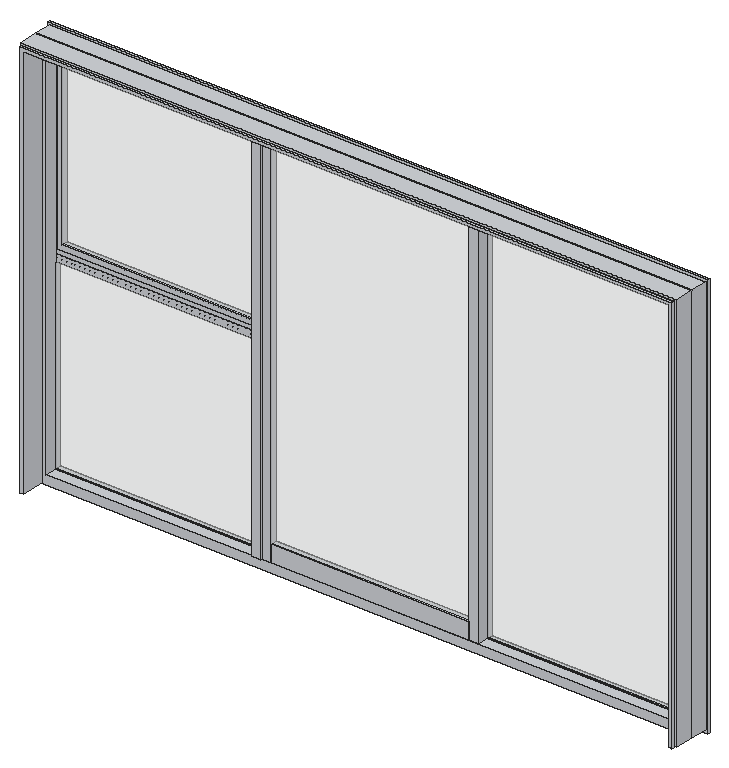
Revit family "APL Residential Thermal Heart Sliding Door FSF with Sidelight", category Doors, host Wall, Revit 2017 (continued)
Definition of nested family "APL Residential Thermal Heart Sliding Door FSF with Sidelight Vertical Section"
  Definition of nested family "Sash Mullion-Transom"
    Definition of nested family "65720_Sash"
      Lines and regions (mm)
        model lines, in view "Ref. Level"
          curve 332: arc (1.041, 6.032, 0) -> (0.859, 5.888, 0) -> (0.762, 5.676, 0) r 0.5
          curve 333: arc (0.762, 5.676, 0) -> (0.708, 5.514, 0) -> (0.616, 5.37, 0) r 0.7
          curve 334: arc (0.616, 5.37, 0) -> (0.27, 4.4, 0) -> (0.616, 3.43, 0) r 1.53
          curve 335: arc (0.616, 3.43, 0) -> (0.519, 2.445, 0) -> (-0.466, 2.543, 0) r 0.7
          curve 336: arc (-0.466, 2.543, 0) -> (-1.13, 4.41, 0) -> (-0.454, 6.272, 0) r 2.93
      Text (mm)
        text "65720" at (33.241, 33.025, 0), in view "Ref. Level"
    Definition of nested family "65100_Mullion&Transom"
      Reference planes
        plane 1 "Center (Front/Back)": y = 0
        plane 2: z = 0
        plane 3 "Center (Left/Right)": x = 0
      Lines and regions (mm)
        detail lines, in view "Ref. Level"
          curve 1: arc (0.482, -20.144, 0) -> (0.172, -20.004, 0) -> (0.009, -20.303, 0) r 0.25
          curve 2: arc (0.036, -30.191, 0) -> (0.198, -30.491, 0) -> (0.508, -30.351, 0) r 0.25
          curve 3: line (0.009, -20.303, 0) -> (1.003, -24.171, 0)
          curve 4: line (1.003, -24.171, 0) -> (0, -24.75, 0)
          curve 5: line (0, -24.75, 0) -> (0, -25.75, 0)
          curve 6: line (0, -25.75, 0) -> (1.025, -26.342, 0)
          curve 7: line (1.025, -26.342, 0) -> (0.036, -30.191, 0)
          curve 8: line (0.508, -30.351, 0) -> (2.232, -26.25, 0)
          curve 9: line (2.232, -26.25, 0) -> (3.5, -26.25, 0)
          curve 10: line (3.5, -26.25, 0) -> (3.5, -27.5, 0)
          curve 11: line (3.5, -27.5, 0) -> (4.5, -27.5, 0)
          curve 12: line (4.5, -27.5, 0) -> (4.5, -23, 0)
          curve 13: line (4.5, -23, 0) -> (3.5, -23, 0)
          curve 14: line (3.5, -23, 0) -> (3.5, -24.25, 0)
          curve 15: line (3.5, -24.25, 0) -> (2.208, -24.25, 0)
          curve 16: line (2.208, -24.25, 0) -> (0.482, -20.144, 0)
          curve 329: arc (0.482, 30.356, 0) -> (0.172, 30.496, 0) -> (0.009, 30.197, 0) r 0.25
          curve 330: arc (0.036, 20.309, 0) -> (0.198, 20.009, 0) -> (0.508, 20.149, 0) r 0.25
          curve 331: line (0.009, 30.197, 0) -> (1.003, 26.329, 0)
          curve 332: line (1.003, 26.329, 0) -> (0, 25.75, 0)
          curve 333: line (0, 25.75, 0) -> (0, 24.75, 0)
          curve 334: line (0, 24.75, 0) -> (1.025, 24.158, 0)
          curve 335: line (1.025, 24.158, 0) -> (0.036, 20.309, 0)
          curve 336: line (0.508, 20.149, 0) -> (2.232, 24.25, 0)
          curve 337: line (2.232, 24.25, 0) -> (3.5, 24.25, 0)
          curve 338: line (3.5, 24.25, 0) -> (3.5, 23, 0)
          curve 339: line (3.5, 23, 0) -> (4.5, 23, 0)
          curve 340: line (4.5, 23, 0) -> (4.5, 27.5, 0)
          curve 341: line (4.5, 27.5, 0) -> (3.5, 27.5, 0)
          curve 342: line (3.5, 27.5, 0) -> (3.5, 26.25, 0)
          curve 343: line (3.5, 26.25, 0) -> (2.208, 26.25, 0)
          curve 344: line (2.208, 26.25, 0) -> (0.482, 30.356, 0)
        detail lines, in view "Ref. Level", not visible
          curve 17: arc (33.161, -9.933, 0) -> (32.851, -9.793, 0) -> (32.689, -10.092, 0) r 0.25
          curve 18: arc (32.715, -19.98, 0) -> (32.877, -20.279, 0) -> (33.188, -20.139, 0) r 0.25
          curve 19: line (32.689, -10.092, 0) -> (33.683, -13.959, 0)
          curve 20: line (33.683, -13.959, 0) -> (32.679, -14.539, 0)
          curve 21: line (32.679, -14.539, 0) -> (32.679, -15.539, 0)
          curve 22: line (32.679, -15.539, 0) -> (33.705, -16.131, 0)
          curve 23: line (33.705, -16.131, 0) -> (32.715, -19.98, 0)
          curve 24: line (33.188, -20.139, 0) -> (34.912, -16.039, 0)
          curve 25: line (34.912, -16.039, 0) -> (36.179, -16.039, 0)
          curve 26: line (36.179, -16.039, 0) -> (36.179, -17.289, 0)
          curve 27: line (36.179, -17.289, 0) -> (37.179, -17.289, 0)
          curve 28: line (37.179, -17.289, 0) -> (37.179, -12.789, 0)
          curve 29: line (37.179, -12.789, 0) -> (36.179, -12.789, 0)
          curve 30: line (36.179, -12.789, 0) -> (36.179, -14.039, 0)
          curve 31: line (36.179, -14.039, 0) -> (34.887, -14.039, 0)
          curve 32: line (34.887, -14.039, 0) -> (33.161, -9.933, 0)
        model lines, in view "Ref. Level"
          curve 33: arc (-15.3, 2.874, 0) -> (-15.218, 2.477, 0) -> (-14.985, 2.146, 0) r 1
          curve 34: arc (-14.733, 1.893, 0) -> (-14.408, 1.676, 0) -> (-14.026, 1.6, 0) r 1
          curve 35: arc (-14.026, -1.6, 0) -> (-14.408, -1.676, 0) -> (-14.733, -1.893, 0) r 1
          curve 36: arc (-14.985, -2.146, 0) -> (-15.218, -2.477, 0) -> (-15.3, -2.874, 0) r 1
          curve 37: arc (-15.3, -4.45, 0) -> (-15.172, -4.668, 0) -> (-14.92, -4.663, 0) r 0.25
          curve 38: arc (-14.834, -4.611, 0) -> (-14.728, -4.479, 0) -> (-14.731, -4.309, 0) r 0.25
          curve 39: arc (-13.477, -3.544, 0) -> (-13.402, -3.511, 0) -> (-13.321, -3.5, 0) r 0.3
          curve 40: arc (-12.8, -3.5, 0) -> (-12.642, -3.578, 0) -> (-12.606, -3.75, 0) r 0.2
          curve 41: arc (-12.8, -7.753, 0) -> (-12.774, -7.875, 0) -> (-12.7, -7.976, 0) r 0.3
          curve 42: arc (-12.7, -7.976, 0) -> (-12.62, -8.307, 0) -> (-12.9, -8.5, 0) r 0.3
          curve 43: arc (-15.121, -7.957, 0) -> (-15.21, -7.905, 0) -> (-15.262, -7.816, 0) r 0.2
          curve 44: arc (-15.307, -7.648, 0) -> (-15.448, -7.507, 0) -> (-15.641, -7.559, 0) r 0.2
          curve 45: arc (-16.005, -7.922, 0) -> (-16.065, -8.008, 0) -> (-16.092, -8.108, 0) r 0.3
          curve 46: arc (-16.299, -10.474, 0) -> (-16.183, -10.738, 0) -> (-15.897, -10.782, 0) r 0.3
          curve 47: arc (-14.487, -10.268, 0) -> (-14.361, -10.181, 0) -> (-14.295, -10.043, 0) r 0.3
          curve 48: arc (-14.295, -10.043, 0) -> (-14.022, -9.801, 0) -> (-13.717, -10, 0) r 0.3
          curve 49: arc (4.1, -10, 0) -> (4.241, -10.059, 0) -> (4.3, -10.2, 0) r 0.2
          curve 50: arc (3.201, -21.5, 0) -> (2.493, -21.793, 0) -> (2.2, -22.5, 0) r 1
          curve 51: arc (2.2, -23.25, 0) -> (2.7, -23.751, 0) -> (3.2, -23.25, 0) r 0.5
          curve 52: arc (3.2, -27.251, 0) -> (2.7, -26.751, 0) -> (2.2, -27.251, 0) r 0.5
          curve 53: arc (2.2, -28.801, 0) -> (2.259, -28.942, 0) -> (2.4, -29, 0) r 0.2
          curve 54: arc (5.5, -29, 0) -> (5.641, -28.941, 0) -> (5.7, -28.8, 0) r 0.2
          curve 55: arc (5.7, 28.8, 0) -> (5.641, 28.942, 0) -> (5.5, 29, 0) r 0.2
          curve 56: arc (2.4, 29, 0) -> (2.259, 28.941, 0) -> (2.2, 28.8, 0) r 0.2
          curve 57: arc (2.2, 27.25, 0) -> (2.7, 26.749, 0) -> (3.2, 27.25, 0) r 0.5
          curve 58: arc (3.2, 23.25, 0) -> (2.7, 23.749, 0) -> (2.2, 23.25, 0) r 0.5
          curve 59: arc (2.2, 22.501, 0) -> (2.492, 21.793, 0) -> (3.2, 21.5, 0) r 1
          curve 60: arc (4.3, 10.2, 0) -> (4.241, 10.059, 0) -> (4.1, 10, 0) r 0.2
          curve 61: arc (-13.717, 10, 0) -> (-14.022, 9.801, 0) -> (-14.295, 10.043, 0) r 0.3
          curve 62: arc (-14.295, 10.043, 0) -> (-14.361, 10.181, 0) -> (-14.487, 10.268, 0) r 0.3
          curve 63: arc (-15.897, 10.782, 0) -> (-16.183, 10.738, 0) -> (-16.299, 10.474, 0) r 0.3
          curve 64: arc (-16.092, 8.108, 0) -> (-16.065, 8.008, 0) -> (-16.005, 7.922, 0) r 0.3
          curve 65: arc (-15.641, 7.559, 0) -> (-15.448, 7.507, 0) -> (-15.307, 7.648, 0) r 0.2
          curve 66: arc (-15.262, 7.816, 0) -> (-15.21, 7.905, 0) -> (-15.121, 7.957, 0) r 0.2
          curve 67: arc (-12.9, 8.5, 0) -> (-12.62, 8.307, 0) -> (-12.7, 7.976, 0) r 0.3
          curve 68: arc (-12.7, 7.976, 0) -> (-12.774, 7.875, 0) -> (-12.8, 7.753, 0) r 0.3
          curve 69: arc (-12.606, 3.75, 0) -> (-12.642, 3.578, 0) -> (-12.8, 3.5, 0) r 0.2
          curve 70: arc (-13.321, 3.5, 0) -> (-13.402, 3.511, 0) -> (-13.477, 3.544, 0) r 0.3
          curve 71: arc (-14.731, 4.309, 0) -> (-14.728, 4.479, 0) -> (-14.834, 4.611, 0) r 0.25
          curve 72: arc (-14.92, 4.663, 0) -> (-15.172, 4.668, 0) -> (-15.3, 4.45, 0) r 0.25
          curve 73: arc (-4.016, 4.146, 0) -> (-5.077, 4.139, 0) -> (-5.084, 5.2, 0) r 0.75
          curve 74: arc (-5.084, 5.2, 0) -> (-4.55, 6.5, 0) -> (-5.084, 7.8, 0) r 1.85
          curve 75: arc (-5.084, 7.8, 0) -> (-5.194, 7.942, 0) -> (-5.267, 8.107, 0) r 0.75
          curve 76: arc (-5.267, 8.107, 0) -> (-5.37, 8.291, 0) -> (-5.54, 8.416, 0) r 0.5
          curve 77: arc (-5.54, 8.416, 0) -> (-6.4, 8.6, 0) -> (-7.26, 8.416, 0) r 2.1
          curve 78: arc (-7.26, 8.416, 0) -> (-7.43, 8.291, 0) -> (-7.533, 8.107, 0) r 0.5
          curve 79: arc (-7.533, 8.107, 0) -> (-7.606, 7.942, 0) -> (-7.716, 7.8, 0) r 0.75
          curve 80: arc (-7.716, 7.8, 0) -> (-8.25, 6.5, 0) -> (-7.716, 5.2, 0) r 1.85
          curve 81: arc (-7.716, 5.2, 0) -> (-7.723, 4.139, 0) -> (-8.784, 4.146, 0) r 0.75
          curve 82: arc (-8.784, 4.146, 0) -> (-9.231, 4.709, 0) -> (-9.548, 5.354, 0) r 3.35
          curve 83: arc (-10.124, 6.937, 0) -> (-10.569, 7.194, 0) -> (-10.9, 6.8, 0) r 0.4
          curve 84: arc (-10.9, -6.8, 0) -> (-10.569, -7.194, 0) -> (-10.124, -6.937, 0) r 0.4
          curve 85: arc (-9.548, -5.354, 0) -> (-9.231, -4.709, 0) -> (-8.784, -4.146, 0) r 3.35
          curve 86: arc (-8.784, -4.146, 0) -> (-7.723, -4.139, 0) -> (-7.716, -5.2, 0) r 0.75
          curve 87: arc (-7.716, -5.2, 0) -> (-8.25, -6.5, 0) -> (-7.716, -7.8, 0) r 1.85
          curve 88: arc (-7.716, -7.8, 0) -> (-7.606, -7.942, 0) -> (-7.533, -8.107, 0) r 0.75
          curve 89: arc (-7.533, -8.107, 0) -> (-7.43, -8.291, 0) -> (-7.26, -8.416, 0) r 0.5
          curve 90: arc (-7.26, -8.416, 0) -> (-6.4, -8.6, 0) -> (-5.54, -8.416, 0) r 2.1
          curve 91: arc (-5.54, -8.416, 0) -> (-5.37, -8.291, 0) -> (-5.267, -8.107, 0) r 0.5
          curve 92: arc (-5.267, -8.107, 0) -> (-5.194, -7.942, 0) -> (-5.084, -7.8, 0) r 0.75
          curve 93: arc (-5.084, -7.8, 0) -> (-4.55, -6.5, 0) -> (-5.084, -5.2, 0) r 1.85
          curve 94: arc (-5.084, -5.2, 0) -> (-5.077, -4.139, 0) -> (-4.016, -4.146, 0) r 0.75
          curve 95: arc (-4.016, -4.146, 0) -> (-3.101, -5.916, 0) -> (-3.353, -7.892, 0) r 3.35
          curve 96: arc (-3.353, -7.892, 0) -> (-3.319, -8.37, 0) -> (-2.898, -8.6, 0) r 0.5
          curve 97: arc (3.8, -8.6, 0) -> (4.154, -8.454, 0) -> (4.3, -8.1, 0) r 0.5
          curve 98: arc (4.3, 8.1, 0) -> (4.154, 8.454, 0) -> (3.8, 8.6, 0) r 0.5
          curve 99: line (-15.3, 4.45, 0) -> (-15.3, 2.874, 0)
          curve 100: line (-14.97, 2.13, 0) -> (-14.733, 1.893, 0)
          curve 101: line (-14.026, 1.6, 0) -> (-12.8, 1.6, 0)
          curve 102: line (-12.8, 1.6, 0) -> (-12.8, -1.6, 0)
          curve 103: line (-12.8, -1.6, 0) -> (-14.026, -1.6, 0)
          curve 104: line (-14.733, -1.893, 0) -> (-14.97, -2.13, 0)
          curve 105: line (-15.3, -2.874, 0) -> (-15.3, -4.45, 0)
          curve 106: line (-14.731, -4.309, 0) -> (-13.477, -3.544, 0)
          curve 107: line (-13.477, -3.544, 0) -> (-12.8, -3.5, 0)
          curve 108: line (-12.606, -3.75, 0) -> (-12.794, -4.475, 0)
          curve 109: line (-12.794, -4.475, 0) -> (-12.8, -7.753, 0)
          curve 110: line (-13.054, -8.5, 0) -> (-15.121, -7.957, 0)
          curve 111: line (-15.121, -7.957, 0) -> (-15.307, -7.648, 0)
          curve 112: line (-15.641, -7.559, 0) -> (-16.005, -7.922, 0)
          curve 113: line (-16.092, -8.108, 0) -> (-16.299, -10.474, 0)
          curve 114: line (-15.897, -10.782, 0) -> (-14.487, -10.268, 0)
          curve 115: line (-13.717, -10, 0) -> (-6.8, -10, 0)
          curve 116: line (-6.8, -10, 0) -> (-6.4, -9.6, 0)
          curve 117: line (-6.4, -9.6, 0) -> (-6, -10, 0)
          curve 118: line (-6, -10, 0) -> (4.1, -10, 0)
          curve 119: line (4.3, -10.2, 0) -> (4.3, -21.5, 0)
          curve 120: line (4.3, -21.5, 0) -> (3.201, -21.5, 0)
          curve 121: line (2.2, -22.5, 0) -> (2.2, -23.25, 0)
          curve 122: line (3.2, -23.25, 0) -> (3.2, -22.5, 0)
          curve 123: line (3.2, -22.5, 0) -> (4.7, -22.5, 0)
          curve 124: line (4.7, -22.5, 0) -> (4.7, -28, 0)
          curve 125: line (4.7, -28, 0) -> (3.2, -28, 0)
          curve 126: line (3.2, -28, 0) -> (3.2, -27.251, 0)
          curve 127: line (2.2, -27.251, 0) -> (2.2, -28.801, 0)
          curve 128: line (2.4, -29, 0) -> (5.5, -29, 0)
          curve 129: line (5.7, -28.8, 0) -> (5.7, 28.8, 0)
          curve 130: line (5.5, 29, 0) -> (2.4, 29, 0)
          curve 131: line (2.2, 28.8, 0) -> (2.2, 27.25, 0)
          curve 132: line (3.2, 27.25, 0) -> (3.2, 28, 0)
          curve 133: line (3.2, 28, 0) -> (4.7, 28, 0)
          curve 134: line (4.7, 28, 0) -> (4.7, 22.5, 0)
          curve 135: line (4.7, 22.5, 0) -> (3.2, 22.5, 0)
          curve 136: line (3.2, 22.5, 0) -> (3.2, 23.25, 0)
          curve 137: line (2.2, 23.25, 0) -> (2.2, 22.501, 0)
          curve 138: line (3.2, 21.5, 0) -> (4.3, 21.5, 0)
          curve 139: line (4.3, 21.5, 0) -> (4.3, 10.2, 0)
          curve 140: line (4.1, 10, 0) -> (-6, 10, 0)
          curve 141: line (-6, 10, 0) -> (-6.4, 9.6, 0)
          curve 142: line (-6.4, 9.6, 0) -> (-6.8, 10, 0)
          curve 143: line (-6.8, 10, 0) -> (-13.717, 10, 0)
          curve 144: line (-14.487, 10.268, 0) -> (-15.897, 10.782, 0)
          curve 145: line (-16.299, 10.474, 0) -> (-16.092, 8.108, 0)
          curve 146: line (-16.005, 7.922, 0) -> (-15.641, 7.559, 0)
          curve 147: line (-15.307, 7.648, 0) -> (-15.262, 7.816, 0)
          curve 148: line (-15.262, 7.816, 0) -> (-13.132, 8.49, 0)
          curve 149: line (-13.132, 8.49, 0) -> (-12.9, 8.5, 0)
          curve 150: line (-12.8, 7.753, 0) -> (-12.8, 4.525, 0)
          curve 151: line (-12.8, 4.525, 0) -> (-12.606, 3.75, 0)
          curve 152: line (-12.8, 3.5, 0) -> (-13.321, 3.5, 0)
          curve 153: line (-13.321, 3.5, 0) -> (-14.731, 4.309, 0)
          curve 154: line (-9.548, 5.354, 0) -> (-10.124, 6.937, 0)
          curve 155: line (-10.9, 6.8, 0) -> (-10.9, -6.8, 0)
          curve 156: line (-10.124, -6.937, 0) -> (-9.548, -5.354, 0)
          curve 157: line (-2.898, -8.6, 0) -> (3.8, -8.6, 0)
          curve 158: line (4.3, -8.1, 0) -> (4.3, 8.1, 0)
          curve 159: line (3.8, 8.6, 0) -> (-2.898, 8.6, 0)
          curve 160: arc (-2.898, 8.6, 0) -> (-3.319, 8.37, 0) -> (-3.353, 7.892, 0) r 0.5
          curve 161: arc (-3.353, 7.892, 0) -> (-3.101, 5.916, 0) -> (-4.016, 4.146, 0) r 3.35
          curve 162: arc (-40.3, -9.8, 0) -> (-40.241, -9.941, 0) -> (-40.1, -10, 0) r 0.2
          curve 163: arc (-38.635, -9.621, 0) -> (-38.571, -9.522, 0) -> (-38.575, -9.403, 0) r 0.2
          curve 164: arc (-38.575, -9.403, 0) -> (-38.679, -9.234, 0) -> (-38.847, -9.127, 0) r 0.45
          curve 165: arc (-38.847, -9.127, 0) -> (-38.943, -9.052, 0) -> (-38.978, -8.935, 0) r 0.2
          curve 166: arc (-38.837, -1.98, 0) -> (-38.537, -1.286, 0) -> (-37.837, -1, 0) r 1
          curve 167: arc (-30.5, -1, 0) -> (-29.793, -1.293, 0) -> (-29.5, -2, 0) r 1
          curve 168: arc (-29.5, -8.173, 0) -> (-29.527, -8.272, 0) -> (-29.6, -8.345, 0) r 0.2
          curve 169: arc (-30.7, -8.98, 0) -> (-30.92, -9.2, 0) -> (-31, -9.5, 0) r 0.6
          curve 170: arc (-31, -9.8, 0) -> (-30.941, -9.942, 0) -> (-30.8, -10, 0) r 0.2
          curve 171: arc (-26.683, -10, 0) -> (-26.378, -9.801, 0) -> (-26.105, -10.043, 0) r 0.3
          curve 172: arc (-26.105, -10.043, 0) -> (-26.039, -10.181, 0) -> (-25.913, -10.268, 0) r 0.3
          curve 173: arc (-24.503, -10.782, 0) -> (-24.217, -10.738, 0) -> (-24.101, -10.474, 0) r 0.3
          curve 174: arc (-24.308, -8.108, 0) -> (-24.335, -8.008, 0) -> (-24.395, -7.922, 0) r 0.3
          curve 175: arc (-24.759, -7.559, 0) -> (-24.952, -7.507, 0) -> (-25.093, -7.648, 0) r 0.2
          curve 176: arc (-25.138, -7.816, 0) -> (-25.19, -7.905, 0) -> (-25.279, -7.957, 0) r 0.2
          curve 177: arc (-27.5, -8.5, 0) -> (-27.78, -8.307, 0) -> (-27.7, -7.976, 0) r 0.3
          curve 178: arc (-27.7, -7.976, 0) -> (-27.626, -7.875, 0) -> (-27.6, -7.753, 0) r 0.3
          curve 179: arc (-27.794, -3.75, 0) -> (-27.758, -3.578, 0) -> (-27.6, -3.5, 0) r 0.2
          curve 180: arc (-27.079, -3.5, 0) -> (-26.998, -3.511, 0) -> (-26.923, -3.544, 0) r 0.3
          curve 181: arc (-25.669, -4.309, 0) -> (-25.672, -4.479, 0) -> (-25.566, -4.611, 0) r 0.25
          curve 182: arc (-25.48, -4.663, 0) -> (-25.228, -4.668, 0) -> (-25.1, -4.45, 0) r 0.25
          curve 183: arc (-25.1, -2.874, 0) -> (-25.182, -2.477, 0) -> (-25.415, -2.146, 0) r 1
          curve 184: arc (-25.667, -1.893, 0) -> (-25.992, -1.676, 0) -> (-26.374, -1.6, 0) r 1
          curve 185: arc (-26.377, 1.6, 0) -> (-25.993, 1.676, 0) -> (-25.667, 1.893, 0) r 1
          curve 186: arc (-25.415, 2.146, 0) -> (-25.182, 2.477, 0) -> (-25.1, 2.874, 0) r 1
          curve 187: arc (-25.1, 4.45, 0) -> (-25.227, 4.668, 0) -> (-25.48, 4.663, 0) r 0.25
          curve 188: arc (-25.566, 4.611, 0) -> (-25.672, 4.479, 0) -> (-25.669, 4.309, 0) r 0.25
          curve 189: arc (-26.923, 3.544, 0) -> (-26.998, 3.511, 0) -> (-27.079, 3.5, 0) r 0.3
          curve 190: arc (-27.6, 3.5, 0) -> (-27.758, 3.578, 0) -> (-27.794, 3.75, 0) r 0.2
          curve 191: arc (-27.6, 7.753, 0) -> (-27.626, 7.875, 0) -> (-27.7, 7.976, 0) r 0.3
          curve 192: arc (-27.7, 7.976, 0) -> (-27.78, 8.307, 0) -> (-27.5, 8.5, 0) r 0.3
          curve 193: arc (-25.279, 7.957, 0) -> (-25.19, 7.905, 0) -> (-25.138, 7.816, 0) r 0.2
          curve 194: arc (-25.093, 7.648, 0) -> (-24.952, 7.507, 0) -> (-24.759, 7.559, 0) r 0.2
          curve 195: arc (-24.395, 7.922, 0) -> (-24.335, 8.008, 0) -> (-24.308, 8.108, 0) r 0.3
          curve 196: arc (-24.101, 10.474, 0) -> (-24.217, 10.738, 0) -> (-24.503, 10.782, 0) r 0.3
          curve 197: arc (-25.913, 10.268, 0) -> (-26.039, 10.181, 0) -> (-26.105, 10.043, 0) r 0.3
          curve 198: arc (-26.105, 10.043, 0) -> (-26.378, 9.801, 0) -> (-26.683, 10, 0) r 0.3
          curve 199: arc (-30.8, 10, 0) -> (-30.941, 9.942, 0) -> (-31, 9.8, 0) r 0.2
          curve 200: arc (-31, 9.5, 0) -> (-30.92, 9.2, 0) -> (-30.7, 8.98, 0) r 0.6
          curve 201: arc (-29.6, 8.345, 0) -> (-29.527, 8.272, 0) -> (-29.5, 8.172, 0) r 0.2
          curve 202: arc (-29.5, 2, 0) -> (-29.793, 1.293, 0) -> (-30.5, 1, 0) r 1
          curve 203: arc (-37.837, 1, 0) -> (-38.537, 1.286, 0) -> (-38.837, 1.98, 0) r 1
          curve 204: arc (-38.978, 8.935, 0) -> (-38.943, 9.052, 0) -> (-38.847, 9.127, 0) r 0.2
          curve 205: arc (-38.847, 9.127, 0) -> (-38.679, 9.234, 0) -> (-38.575, 9.403, 0) r 0.45
          curve 206: arc (-38.575, 9.403, 0) -> (-38.571, 9.522, 0) -> (-38.635, 9.621, 0) r 0.2
          curve 207: arc (-40.1, 10, 0) -> (-40.241, 9.941, 0) -> (-40.3, 9.8, 0) r 0.2
          curve 208: line (-40.3, 9.8, 0) -> (-40.3, 0, 0)
          curve 209: line (-40.3, 0, 0) -> (-40.3, -9.8, 0)
          curve 210: line (-40.1, -10, 0) -> (-39.159, -10, 0)
          curve 211: line (-39.159, -10, 0) -> (-38.635, -9.621, 0)
          curve 212: line (-38.978, -8.935, 0) -> (-38.837, -1.98, 0)
          curve 213: line (-37.837, -1, 0) -> (-30.5, -1, 0)
          curve 214: line (-29.5, -2, 0) -> (-29.5, -8.173, 0)
          curve 215: line (-29.6, -8.345, 0) -> (-30.7, -8.98, 0)
          curve 216: line (-31, -9.5, 0) -> (-31, -9.8, 0)
          curve 217: line (-30.8, -10, 0) -> (-26.683, -10, 0)
          curve 218: line (-25.913, -10.268, 0) -> (-24.503, -10.782, 0)
          curve 219: line (-24.101, -10.474, 0) -> (-24.308, -8.108, 0)
          curve 220: line (-24.395, -7.922, 0) -> (-24.759, -7.559, 0)
          curve 221: line (-25.093, -7.648, 0) -> (-25.138, -7.816, 0)
          curve 222: line (-25.138, -7.816, 0) -> (-27.268, -8.49, 0)
          curve 223: line (-27.268, -8.49, 0) -> (-27.5, -8.5, 0)
          curve 224: line (-27.6, -7.753, 0) -> (-27.6, -4.525, 0)
          curve 225: line (-27.6, -4.525, 0) -> (-27.794, -3.75, 0)
          curve 226: line (-27.6, -3.5, 0) -> (-27.079, -3.5, 0)
          curve 227: line (-27.079, -3.5, 0) -> (-25.669, -4.309, 0)
          curve 228: line (-25.1, -4.45, 0) -> (-25.1, -2.874, 0)
          curve 229: line (-25.43, -2.13, 0) -> (-25.667, -1.893, 0)
          curve 230: line (-26.374, -1.6, 0) -> (-27.6, -1.6, 0)
          curve 231: line (-27.6, -1.6, 0) -> (-27.6, 0, 0)
          curve 232: line (-27.6, 0, 0) -> (-27.6, 1.6, 0)
          curve 233: line (-27.6, 1.6, 0) -> (-26.377, 1.6, 0)
          curve 234: line (-25.667, 1.893, 0) -> (-25.43, 2.13, 0)
          curve 235: line (-25.1, 2.874, 0) -> (-25.1, 4.45, 0)
          curve 236: line (-25.669, 4.309, 0) -> (-26.923, 3.544, 0)
          curve 237: line (-26.923, 3.544, 0) -> (-27.6, 3.5, 0)
          curve 238: line (-27.794, 3.75, 0) -> (-27.606, 4.475, 0)
          curve 239: line (-27.606, 4.475, 0) -> (-27.6, 7.753, 0)
          curve 240: line (-27.346, 8.5, 0) -> (-25.279, 7.957, 0)
          curve 241: line (-25.279, 7.957, 0) -> (-25.093, 7.648, 0)
          curve 242: line (-24.759, 7.559, 0) -> (-24.395, 7.922, 0)
          curve 243: line (-24.308, 8.108, 0) -> (-24.101, 10.474, 0)
          curve 244: line (-24.503, 10.782, 0) -> (-25.913, 10.268, 0)
          curve 245: line (-26.683, 10, 0) -> (-30.8, 10, 0)
          curve 246: line (-31, 9.8, 0) -> (-31, 9.5, 0)
          curve 247: line (-30.7, 8.98, 0) -> (-29.6, 8.345, 0)
          curve 248: line (-29.5, 8.172, 0) -> (-29.5, 2, 0)
          curve 249: line (-30.5, 1, 0) -> (-37.837, 1, 0)
          curve 250: line (-38.837, 1.98, 0) -> (-38.978, 8.935, 0)
          curve 251: line (-38.635, 9.621, 0) -> (-39.031, 9.953, 0)
          curve 252: line (-39.031, 9.953, 0) -> (-40.1, 10, 0)
          curve 253: arc (-27.6, 4.4, 0) -> (-27.483, 4.117, 0) -> (-27.2, 4, 0) r 0.4
          curve 254: arc (-26.907, 4, 0) -> (-26.804, 4.014, 0) -> (-26.707, 4.054, 0) r 0.4
          curve 255: arc (-25.179, 4.939, 0) -> (-24.889, 5.059, 0) -> (-24.578, 5.1, 0) r 1.2
          curve 256: arc (-23.655, 5.1, 0) -> (-23.082, 5.281, 0) -> (-22.716, 5.758, 0) r 1
          curve 257: arc (-21.923, 7.937, 0) -> (-21.776, 8.128, 0) -> (-21.547, 8.2, 0) r 0.4
          curve 258: arc (-18.853, 8.2, 0) -> (-18.624, 8.128, 0) -> (-18.477, 7.937, 0) r 0.4
          curve 259: arc (-17.684, 5.758, 0) -> (-17.318, 5.281, 0) -> (-16.745, 5.1, 0) r 1
          curve 260: arc (-15.822, 5.1, 0) -> (-15.511, 5.059, 0) -> (-15.221, 4.939, 0) r 1.2
          curve 261: arc (-13.693, 4.054, 0) -> (-13.596, 4.014, 0) -> (-13.493, 4, 0) r 0.4
          curve 262: arc (-13.2, 4, 0) -> (-12.917, 4.117, 0) -> (-12.8, 4.4, 0) r 0.4
          curve 263: arc (-12.8, 7.8, 0) -> (-12.917, 8.083, 0) -> (-13.2, 8.2, 0) r 0.4
          curve 264: arc (-13.493, 8.2, 0) -> (-13.596, 8.186, 0) -> (-13.693, 8.146, 0) r 0.4
          curve 265: arc (-15.221, 7.261, 0) -> (-15.515, 7.14, 0) -> (-15.83, 7.1, 0) r 1.2
          curve 266: arc (-15.83, 7.1, 0) -> (-16.005, 7.153, 0) -> (-16.116, 7.297, 0) r 0.3
          curve 267: arc (-17.004, 9.737, 0) -> (-17.151, 9.928, 0) -> (-17.38, 10, 0) r 0.4
          curve 268: arc (-23.02, 10, 0) -> (-23.249, 9.928, 0) -> (-23.396, 9.737, 0) r 0.4
          curve 269: arc (-24.284, 7.297, 0) -> (-24.395, 7.153, 0) -> (-24.57, 7.1, 0) r 0.3
          curve 270: arc (-24.57, 7.1, 0) -> (-24.885, 7.14, 0) -> (-25.179, 7.261, 0) r 1.2
          curve 271: arc (-26.707, 8.146, 0) -> (-26.804, 8.186, 0) -> (-26.907, 8.2, 0) r 0.4
          curve 272: arc (-27.2, 8.2, 0) -> (-27.483, 8.083, 0) -> (-27.6, 7.8, 0) r 0.4
          curve 273: line (-27.2, 4, 0) -> (-26.907, 4, 0)
          curve 274: line (-26.707, 4.054, 0) -> (-25.179, 4.939, 0)
          curve 275: line (-24.578, 5.1, 0) -> (-23.655, 5.1, 0)
          curve 276: line (-22.716, 5.758, 0) -> (-21.923, 7.937, 0)
          curve 277: line (-21.547, 8.2, 0) -> (-18.853, 8.2, 0)
          curve 278: line (-18.477, 7.937, 0) -> (-17.684, 5.758, 0)
          curve 279: line (-16.745, 5.1, 0) -> (-15.822, 5.1, 0)
          curve 280: line (-15.221, 4.939, 0) -> (-13.693, 4.054, 0)
          curve 281: line (-13.493, 4, 0) -> (-13.2, 4, 0)
          curve 282: line (-12.8, 4.4, 0) -> (-12.8, 7.8, 0)
          curve 283: line (-13.2, 8.2, 0) -> (-13.493, 8.2, 0)
          curve 284: line (-13.693, 8.146, 0) -> (-15.221, 7.261, 0)
          curve 285: line (-16.116, 7.297, 0) -> (-17.004, 9.737, 0)
          curve 286: line (-17.38, 10, 0) -> (-23.02, 10, 0)
          curve 287: line (-23.396, 9.737, 0) -> (-24.284, 7.297, 0)
          curve 288: line (-25.179, 7.261, 0) -> (-26.707, 8.146, 0)
          curve 289: line (-26.907, 8.2, 0) -> (-27.2, 8.2, 0)
          curve 290: line (-27.6, 7.8, 0) -> (-27.6, 4.4, 0)
          curve 291: arc (-27.6, -4.4, 0) -> (-27.483, -4.117, 0) -> (-27.2, -4, 0) r 0.4
          curve 292: arc (-26.907, -4, 0) -> (-26.804, -4.014, 0) -> (-26.707, -4.054, 0) r 0.4
          curve 293: arc (-25.179, -4.939, 0) -> (-24.889, -5.059, 0) -> (-24.578, -5.1, 0) r 1.2
          curve 294: arc (-23.655, -5.1, 0) -> (-23.082, -5.281, 0) -> (-22.716, -5.758, 0) r 1
          curve 295: arc (-21.923, -7.937, 0) -> (-21.776, -8.128, 0) -> (-21.547, -8.2, 0) r 0.4
          curve 296: arc (-18.853, -8.2, 0) -> (-18.624, -8.128, 0) -> (-18.477, -7.937, 0) r 0.4
          curve 297: arc (-17.684, -5.758, 0) -> (-17.318, -5.281, 0) -> (-16.745, -5.1, 0) r 1
          curve 298: arc (-15.822, -5.1, 0) -> (-15.511, -5.059, 0) -> (-15.221, -4.939, 0) r 1.2
          curve 299: arc (-13.693, -4.054, 0) -> (-13.596, -4.014, 0) -> (-13.493, -4, 0) r 0.4
          curve 300: arc (-13.2, -4, 0) -> (-12.917, -4.117, 0) -> (-12.8, -4.4, 0) r 0.4
          curve 301: arc (-12.8, -7.8, 0) -> (-12.917, -8.083, 0) -> (-13.2, -8.2, 0) r 0.4
          curve 302: arc (-13.493, -8.2, 0) -> (-13.596, -8.186, 0) -> (-13.693, -8.146, 0) r 0.4
          curve 303: arc (-15.221, -7.261, 0) -> (-15.515, -7.14, 0) -> (-15.83, -7.1, 0) r 1.2
          curve 304: arc (-15.83, -7.1, 0) -> (-16.005, -7.153, 0) -> (-16.116, -7.297, 0) r 0.3
          curve 305: arc (-17.004, -9.737, 0) -> (-17.151, -9.928, 0) -> (-17.38, -10, 0) r 0.4
          curve 306: arc (-23.02, -10, 0) -> (-23.249, -9.928, 0) -> (-23.396, -9.737, 0) r 0.4
          curve 307: arc (-24.284, -7.297, 0) -> (-24.395, -7.153, 0) -> (-24.57, -7.1, 0) r 0.3
          curve 308: arc (-24.57, -7.1, 0) -> (-24.885, -7.14, 0) -> (-25.179, -7.261, 0) r 1.2
          curve 309: arc (-26.707, -8.146, 0) -> (-26.804, -8.186, 0) -> (-26.907, -8.2, 0) r 0.4
          curve 310: arc (-27.2, -8.2, 0) -> (-27.483, -8.083, 0) -> (-27.6, -7.8, 0) r 0.4
          curve 311: line (-27.2, -4, 0) -> (-26.907, -4, 0)
          curve 312: line (-26.707, -4.054, 0) -> (-25.179, -4.939, 0)
          curve 313: line (-24.578, -5.1, 0) -> (-23.655, -5.1, 0)
          curve 314: line (-22.716, -5.758, 0) -> (-21.923, -7.937, 0)
          curve 315: line (-21.547, -8.2, 0) -> (-18.853, -8.2, 0)
          curve 316: line (-18.477, -7.937, 0) -> (-17.684, -5.758, 0)
          curve 317: line (-16.745, -5.1, 0) -> (-15.822, -5.1, 0)
          curve 318: line (-15.221, -4.939, 0) -> (-13.693, -4.054, 0)
          curve 319: line (-13.493, -4, 0) -> (-13.2, -4, 0)
          curve 320: line (-12.8, -4.4, 0) -> (-12.8, -7.8, 0)
          curve 321: line (-13.2, -8.2, 0) -> (-13.493, -8.2, 0)
          curve 322: line (-13.693, -8.146, 0) -> (-15.221, -7.261, 0)
          curve 323: line (-16.116, -7.297, 0) -> (-17.004, -9.737, 0)
          curve 324: line (-17.38, -10, 0) -> (-23.02, -10, 0)
          curve 325: line (-23.396, -9.737, 0) -> (-24.284, -7.297, 0)
          curve 326: line (-25.179, -7.261, 0) -> (-26.707, -8.146, 0)
          curve 327: line (-26.907, -8.2, 0) -> (-27.2, -8.2, 0)
          curve 328: line (-27.6, -7.8, 0) -> (-27.6, -4.4, 0)
      Text (mm)
        text "65100" at (-45.773, 28.066, 0), in view "Ref. Level"
  Definition of nested family "Glazing"
    Parameters (values of type "Glazing")
      Glass Lenght [instance] = 50 mm
    Reference planes
      plane 1 "Center (Front/Back)": y = 0
      plane 2: z = 0
      plane 3 "Center (Left/Right)": x = 0
      plane 4: y = -50
    Lines and regions (mm)
      Filled region 1, type "Solid Fill - Black", in view "Ref. Level"
        outline origin (0, 0, 0) x (1, 0, 0) y (0, 1, 0)
          loop
            line (4, 0) -> (4, -12) -> (20, -12) -> (20, 0) -> (4, 0)
      model lines, in view "Ref. Level"
        curve 1: line (4, -12, 0) -> (20, -12, 0)
        curve 2: line (0, -50, 0) -> (0, 0, 0)
        curve 3: line (0, 0, 0) -> (24, 0, 0)
        curve 4: line (24, 0, 0) -> (24, -50, 0)
        curve 5: line (20, 0, 0) -> (20, -50, 0)
        curve 6: line (4, 0, 0) -> (4, -50, 0)
      detail lines, in view "Ref. Level"
        curve 7: arc (-0.25, -4.9, 0) -> (0, -5.15, 0) -> (-0.25, -5.4, 0) r 0.25
        curve 8: arc (-0.25, -8.45, 0) -> (0, -8.7, 0) -> (-0.25, -8.95, 0) r 0.25
        curve 9: arc (-0.25, -9.619, 0) -> (0, -9.869, 0) -> (-0.25, -10.119, 0) r 0.25
        curve 10: arc (-0.25, -10.787, 0) -> (0, -11.037, 0) -> (-0.25, -11.287, 0) r 0.25
        curve 11: line (-0.25, -12.456, 0) -> (-1, -12.456, 0)
        curve 12: line (-1, -12.456, 0) -> (-1, -8.45, 0)
        curve 13: line (-1, -8.45, 0) -> (-2.2, -8.45, 0)
        curve 14: line (-2.2, -8.45, 0) -> (-2.2, -9.2, 0)
        curve 15: line (-2.2, -9.2, 0) -> (-2.8, -9.2, 0)
        curve 16: line (-2.8, -9.2, 0) -> (-2.8, -6.1, 0)
        curve 17: line (-2.8, -6.1, 0) -> (-2.2, -6.1, 0)
        curve 18: line (-2.2, -6.1, 0) -> (-2.2, -6.85, 0)
        curve 19: line (-2.2, -6.85, 0) -> (-1, -6.85, 0)
        curve 20: line (-1, -6.85, 0) -> (-1, -4.9, 0)
        curve 21: line (-1, -4.9, 0) -> (-0.25, -4.9, 0)
        curve 22: line (-0.25, -5.4, 0) -> (-0.25, -8.45, 0)
        curve 23: line (-0.25, -8.95, 0) -> (-0.25, -9.619, 0)
        curve 24: line (-0.25, -10.119, 0) -> (-0.25, -10.787, 0)
        curve 25: line (-0.25, -11.287, 0) -> (-0.25, -11.956, 0)
        curve 26: arc (-0.25, -11.956, 0) -> (0, -12.206, 0) -> (-0.25, -12.456, 0) r 0.25
        curve 27: arc (25, -10.728, 0) -> (24.979, -10.828, 0) -> (24.92, -10.912, 0) r 0.25
        curve 28: arc (24.161, -11.614, 0) -> (24.042, -11.78, 0) -> (24, -11.981, 0) r 0.5
        curve 29: arc (24, -13.404, 0) -> (24.088, -13.594, 0) -> (24.289, -13.651, 0) r 0.25
        curve 30: arc (28.489, -12.997, 0) -> (28.647, -12.904, 0) -> (28.699, -12.728, 0) r 0.25
        curve 31: arc (27.5, -8.1, 0) -> (27.711, -7.984, 0) -> (27.727, -7.744, 0) r 0.25
        curve 32: arc (26.033, -4.114, 0) -> (25.642, -3.858, 0) -> (25.24, -4.095, 0) r 0.442
        curve 33: arc (24.864, -4.812, 0) -> (24.414, -5.357, 0) -> (24.052, -5.964, 0) r 4.62
        curve 34: arc (24.052, -5.964, 0) -> (24.013, -6.073, 0) -> (24, -6.187, 0) r 0.5
        curve 35: arc (24, -6.743, 0) -> (24.132, -6.931, 0) -> (24.353, -6.871, 0) r 0.2
        curve 36: arc (24.353, -6.871, 0) -> (24.514, -6.711, 0) -> (24.702, -6.581, 0) r 1.262
        curve 37: arc (24.702, -6.581, 0) -> (24.901, -6.583, 0) -> (25, -6.756, 0) r 0.2
        curve 38: arc (25, -7.353, 0) -> (24.962, -7.543, 0) -> (24.855, -7.705, 0) r 0.5
        curve 39: arc (24.855, -7.705, 0) -> (24.408, -8.237, 0) -> (24.051, -8.833, 0) r 4.3
        curve 40: arc (24.051, -8.833, 0) -> (24.013, -8.941, 0) -> (24, -9.054, 0) r 0.5
        curve 41: arc (24, -9.668, 0) -> (24.137, -9.858, 0) -> (24.361, -9.787, 0) r 0.2
        curve 42: arc (24.361, -9.787, 0) -> (24.512, -9.617, 0) -> (24.69, -9.476, 0) r 1.288
        curve 43: arc (24.69, -9.476, 0) -> (24.895, -9.467, 0) -> (25, -9.643, 0) r 0.2
        curve 44: line (24.92, -10.912, 0) -> (24.161, -11.614, 0)
        curve 45: line (24, -11.981, 0) -> (24, -13.404, 0)
        curve 46: line (24.289, -13.651, 0) -> (28.489, -12.997, 0)
        curve 47: line (28.699, -12.728, 0) -> (28.548, -11, 0)
        curve 48: line (28.548, -11, 0) -> (27, -11, 0)
        curve 49: line (27, -11, 0) -> (27, -8.1, 0)
        curve 50: line (27, -8.1, 0) -> (27.5, -8.1, 0)
        curve 51: line (27.727, -7.744, 0) -> (26.033, -4.114, 0)
        curve 52: line (25.24, -4.095, 0) -> (24.864, -4.812, 0)
        curve 53: line (24, -6.187, 0) -> (24, -6.743, 0)
        curve 54: line (25, -6.756, 0) -> (25, -7.353, 0)
        curve 55: line (24, -9.054, 0) -> (24, -9.668, 0)
        curve 56: line (25, -9.643, 0) -> (25, -10.728, 0)
      detail lines, in view "Ref. Level", not visible
        curve 57: arc (-0.25, -4.9, 0) -> (0, -5.15, 0) -> (-0.25, -5.4, 0) r 0.25
        curve 58: arc (-0.25, -8.45, 0) -> (0, -8.7, 0) -> (-0.25, -8.95, 0) r 0.25
        curve 59: arc (-0.25, -9.619, 0) -> (0, -9.869, 0) -> (-0.25, -10.119, 0) r 0.25
        curve 60: arc (-0.25, -10.787, 0) -> (0, -11.037, 0) -> (-0.25, -11.287, 0) r 0.25
        curve 61: line (-0.25, -12.456, 0) -> (-1, -12.456, 0)
        curve 62: line (-1, -12.456, 0) -> (-1, -8.45, 0)
        curve 63: line (-1, -8.45, 0) -> (-2.2, -8.45, 0)
        curve 64: line (-2.2, -8.45, 0) -> (-2.2, -9.2, 0)
        curve 65: line (-2.2, -9.2, 0) -> (-2.8, -9.2, 0)
        curve 66: line (-2.8, -9.2, 0) -> (-2.8, -6.1, 0)
        curve 67: line (-2.8, -6.1, 0) -> (-2.2, -6.1, 0)
        curve 68: line (-2.2, -6.1, 0) -> (-2.2, -6.85, 0)
        curve 69: line (-2.2, -6.85, 0) -> (-1, -6.85, 0)
        curve 70: line (-1, -6.85, 0) -> (-1, -4.9, 0)
        curve 71: line (-1, -4.9, 0) -> (-0.25, -4.9, 0)
        curve 72: line (-0.25, -5.4, 0) -> (-0.25, -8.45, 0)
        curve 73: line (-0.25, -8.95, 0) -> (-0.25, -9.619, 0)
        curve 74: line (-0.25, -10.119, 0) -> (-0.25, -10.787, 0)
        curve 75: line (-0.25, -11.287, 0) -> (-0.25, -11.956, 0)
        curve 76: arc (-0.25, -11.956, 0) -> (0, -12.206, 0) -> (-0.25, -12.456, 0) r 0.25
        curve 77: arc (25, -10.728, 0) -> (24.979, -10.828, 0) -> (24.92, -10.912, 0) r 0.25
        curve 78: arc (24.161, -11.614, 0) -> (24.042, -11.78, 0) -> (24, -11.981, 0) r 0.5
        curve 79: arc (24, -13.404, 0) -> (24.088, -13.594, 0) -> (24.289, -13.651, 0) r 0.25
        curve 80: arc (28.489, -12.997, 0) -> (28.647, -12.904, 0) -> (28.699, -12.728, 0) r 0.25
        curve 81: arc (27.5, -8.1, 0) -> (27.711, -7.984, 0) -> (27.727, -7.744, 0) r 0.25
        curve 82: arc (26.033, -4.114, 0) -> (25.642, -3.858, 0) -> (25.24, -4.095, 0) r 0.442
        curve 83: arc (24.864, -4.812, 0) -> (24.414, -5.357, 0) -> (24.052, -5.964, 0) r 4.62
        curve 84: arc (24.052, -5.964, 0) -> (24.013, -6.073, 0) -> (24, -6.187, 0) r 0.5
        curve 85: arc (24, -6.743, 0) -> (24.132, -6.931, 0) -> (24.353, -6.871, 0) r 0.2
        curve 86: arc (24.353, -6.871, 0) -> (24.514, -6.711, 0) -> (24.702, -6.581, 0) r 1.262
        curve 87: arc (24.702, -6.581, 0) -> (24.901, -6.583, 0) -> (25, -6.756, 0) r 0.2
        curve 88: arc (25, -7.353, 0) -> (24.962, -7.543, 0) -> (24.855, -7.705, 0) r 0.5
        curve 89: arc (24.855, -7.705, 0) -> (24.408, -8.237, 0) -> (24.051, -8.833, 0) r 4.3
        curve 90: arc (24.051, -8.833, 0) -> (24.013, -8.941, 0) -> (24, -9.054, 0) r 0.5
        curve 91: arc (24, -9.668, 0) -> (24.137, -9.858, 0) -> (24.361, -9.787, 0) r 0.2
        curve 92: arc (24.361, -9.787, 0) -> (24.512, -9.617, 0) -> (24.69, -9.476, 0) r 1.288
        curve 93: arc (24.69, -9.476, 0) -> (24.895, -9.467, 0) -> (25, -9.643, 0) r 0.2
        curve 94: line (24.92, -10.912, 0) -> (24.161, -11.614, 0)
        curve 95: line (24, -11.981, 0) -> (24, -13.404, 0)
        curve 96: line (24.289, -13.651, 0) -> (28.489, -12.997, 0)
        curve 97: line (28.699, -12.728, 0) -> (28.548, -11, 0)
        curve 98: line (28.548, -11, 0) -> (27, -11, 0)
        curve 99: line (27, -11, 0) -> (27, -8.1, 0)
        curve 100: line (27, -8.1, 0) -> (27.5, -8.1, 0)
        curve 101: line (27.727, -7.744, 0) -> (26.033, -4.114, 0)
        curve 102: line (25.24, -4.095, 0) -> (24.864, -4.812, 0)
        curve 103: line (24, -6.187, 0) -> (24, -6.743, 0)
        curve 104: line (25, -6.756, 0) -> (25, -7.353, 0)
        curve 105: line (24, -9.054, 0) -> (24, -9.668, 0)
        curve 106: line (25, -9.643, 0) -> (25, -10.728, 0)
    Dimensions and locks
      "Glass Lenght": plane 1 "Center (Front/Back)" to plane 4
      aligned and locked: plane 4 to curve 2
      aligned and locked: plane 1 "Center (Front/Back)" to Filled region 1 sketch curve
      aligned and locked: Filled region 1 sketch curve to curve 6
      aligned and locked: Filled region 1 sketch curve to curve 1
      aligned and locked: Filled region 1 sketch curve to curve 5
    Automatic sketch dimensions
      plane 1 "Center (Front/Back)" to curve 2 = 0 mm
      curve 2 to plane 3 "Center (Left/Right)" = 0 mm
      curve 6 to plane 4 = 0 mm
      curve 5 to plane 4 = 0 mm
      curve 4 to plane 4 = 0 mm
      curve 5 to curve 3 = 4 mm
      curve 1 to curve 1 = 16 mm
      plane 1 "Center (Front/Back)" to curve 1 = 12 mm
      plane 3 "Center (Left/Right)" to curve 6 = 4 mm
  Definition of nested family "Sill Fixed Sidelight"
    Reference planes
      plane 1 "Center (Front/Back)": y = 0
      plane 2: z = 0
      plane 3 "Center (Left/Right)": x = 0
    Lines and regions (mm)
      detail lines, in view "Ref. Level", not visible
        curve 1: arc (16.603, 57.797, 0) -> (17.381, 58.12, 0) -> (17.703, 58.897, 0) r 1.1
        curve 2: arc (0.803, 58.896, 0) -> (1.126, 58.119, 0) -> (1.903, 57.797, 0) r 1.1
        curve 3: arc (17.703, 75.697, 0) -> (17.381, 76.475, 0) -> (16.603, 76.797, 0) r 1.1
        curve 4: arc (1.903, 76.797, 0) -> (1.125, 76.475, 0) -> (0.803, 75.696, 0) r 1.1
        curve 5: arc (16.603, 57.796, 0) -> (17.382, 58.119, 0) -> (17.703, 58.897, 0) r 1.1
        curve 6: arc (17.703, 75.699, 0) -> (17.381, 76.477, 0) -> (16.603, 76.799, 0) r 1.1
        curve 7: arc (7.678, 81.793, 0) -> (6.666, 81.816, 0) -> (6.153, 80.942, 0) r 1
        curve 8: arc (6.153, 43.252, 0) -> (6.666, 42.379, 0) -> (7.678, 42.401, 0) r 1
        curve 9: arc (12.353, 80.942, 0) -> (11.841, 81.816, 0) -> (10.828, 81.793, 0) r 1
        curve 10: arc (10.828, 42.401, 0) -> (11.841, 42.379, 0) -> (12.353, 43.252, 0) r 1
        curve 11: arc (7.678, 81.793, 0) -> (9.253, 81.347, 0) -> (10.828, 81.793, 0) r 3
        curve 12: arc (10.828, 42.401, 0) -> (9.253, 42.848, 0) -> (7.678, 42.401, 0) r 3
        curve 13: arc (5.253, 49.997, 0) -> (5.546, 49.29, 0) -> (6.253, 48.997, 0) r 1
        curve 14: arc (12.253, 48.997, 0) -> (12.96, 49.29, 0) -> (13.253, 49.997, 0) r 1
        curve 15: arc (14.453, 83.687, 0) -> (13.952, 83.592, 0) -> (13.453, 83.487, 0) r 26
        curve 16: arc (5.053, 83.487, 0) -> (4.554, 83.592, 0) -> (4.053, 83.687, 0) r 26
        curve 17: arc (5.053, 84.028, 0) -> (4.554, 84.06, 0) -> (4.053, 84.082, 0) r 26
        curve 18: arc (14.453, 84.082, 0) -> (13.953, 84.06, 0) -> (13.453, 84.028, 0) r 26
        curve 19: line (7.616, 57.461, 0) -> (8.694, 56.546, 0)
        curve 20: arc (8.309, 61.253, 0) -> (6.888, 60.305, 0) -> (6.184, 58.748, 0) r 3.102
        curve 21: line (7.502, 58.856, 0) -> (8.417, 59.935, 0)
        curve 22: line (10.89, 59.134, 0) -> (9.812, 60.049, 0)
        curve 23: arc (10.198, 55.342, 0) -> (11.619, 56.29, 0) -> (12.323, 57.847, 0) r 3.102
        curve 24: line (11.005, 57.739, 0) -> (10.09, 56.66, 0)
        curve 25: circle (9.253, 58.297, 0) r 4.4 normal (0, 0, 1)
        curve 26: arc (9.596, 62.681, 0) -> (8.894, 62.68, 0) -> (8.201, 62.567, 0) r 4.397
        curve 27: arc (8.91, 53.914, 0) -> (9.612, 53.915, 0) -> (10.305, 54.028, 0) r 4.397
        curve 28: line (8.309, 61.253, 0) -> (8.201, 62.567, 0)
        curve 29: line (9.596, 62.681, 0) -> (9.704, 61.367, 0)
        curve 30: line (10.198, 55.342, 0) -> (10.305, 54.028, 0)
        curve 31: line (8.91, 53.914, 0) -> (8.802, 55.228, 0)
        curve 32: arc (2.903, 85.297, 0) -> (2.196, 85.004, 0) -> (1.903, 84.297, 0) r 1
        curve 33: arc (16.603, 84.297, 0) -> (16.31, 85.004, 0) -> (15.603, 85.297, 0) r 1
        curve 34: arc (15.603, 83.997, 0) -> (15.515, 84.209, 0) -> (15.303, 84.297, 0) r 0.3
        curve 35: arc (3.203, 84.297, 0) -> (2.991, 84.209, 0) -> (2.903, 83.997, 0) r 0.3
        curve 36: line (17.703, 58.897, 0) -> (17.703, 60.797, 0)
        curve 37: line (0.803, 60.797, 0) -> (0.803, 58.896, 0)
        curve 38: line (17.703, 73.797, 0) -> (17.703, 75.697, 0)
        curve 39: line (0.803, 75.696, 0) -> (0.803, 73.797, 0)
        curve 40: line (17.703, 58.897, 0) -> (17.703, 60.797, 0)
        curve 41: line (0.803, 75.696, 0) -> (0.803, 73.797, 0)
        curve 42: line (6.153, 43.252, 0) -> (6.153, 50.097, 0)
        curve 43: line (6.153, 80.597, 0) -> (6.153, 80.942, 0)
        curve 44: line (12.353, 80.597, 0) -> (12.353, 80.942, 0)
        curve 45: line (12.353, 43.252, 0) -> (12.353, 50.097, 0)
        curve 46: line (0.803, 65.087, 0) -> (0.503, 65.087, 0)
        curve 47: line (0.503, 65.087, 0) -> (0.503, 59.107, 0)
        curve 48: line (0.503, 59.107, 0) -> (0.803, 59.107, 0)
        curve 49: line (3.003, 50.297, 0) -> (3.003, 50.097, 0)
        curve 50: line (3.003, 50.097, 0) -> (3.503, 50.097, 0)
        curve 51: line (3.503, 50.097, 0) -> (15.003, 50.097, 0)
        curve 52: line (15.003, 50.097, 0) -> (15.503, 50.097, 0)
        curve 53: line (15.503, 50.097, 0) -> (15.503, 50.297, 0)
        curve 54: line (15.503, 74.797, 0) -> (15.503, 80.597, 0)
        curve 55: line (15.503, 80.597, 0) -> (15.003, 80.597, 0)
        curve 56: line (15.003, 80.597, 0) -> (15.003, 74.797, 0)
        curve 57: line (3.003, 74.797, 0) -> (3.003, 80.597, 0)
        curve 58: line (15.003, 80.597, 0) -> (3.503, 80.597, 0)
        curve 59: line (3.503, 80.597, 0) -> (3.003, 80.597, 0)
        curve 60: line (3.003, 80.597, 0) -> (3.003, 84.097, 0)
        curve 61: line (3.003, 84.097, 0) -> (4.003, 84.097, 0)
        curve 62: line (4.003, 84.097, 0) -> (4.003, 80.597, 0)
        curve 63: line (14.503, 80.597, 0) -> (14.503, 84.097, 0)
        curve 64: line (14.503, 84.097, 0) -> (15.503, 84.097, 0)
        curve 65: line (15.503, 84.097, 0) -> (15.503, 80.597, 0)
        curve 66: line (14.453, 83.687, 0) -> (14.453, 80.597, 0)
        curve 67: line (4.053, 83.687, 0) -> (4.053, 80.597, 0)
        curve 68: line (5.053, 80.597, 0) -> (5.053, 83.487, 0)
        curve 69: line (5.053, 83.487, 0) -> (5.053, 84.028, 0)
        curve 70: line (13.453, 80.597, 0) -> (13.453, 83.487, 0)
        curve 71: line (13.453, 83.487, 0) -> (13.453, 84.028, 0)
        curve 72: line (4.053, 83.687, 0) -> (4.053, 83.935, 0)
        curve 73: line (14.453, 83.687, 0) -> (14.453, 83.935, 0)
        curve 74: line (8.802, 55.228, 0) -> (8.694, 56.546, 0)
        curve 75: line (8.417, 59.935, 0) -> (8.309, 61.253, 0)
        curve 76: line (9.704, 61.367, 0) -> (9.812, 60.049, 0)
        curve 77: line (10.09, 56.66, 0) -> (10.198, 55.342, 0)
        curve 78: line (1.903, 79.297, 0) -> (1.903, 84.297, 0)
        curve 79: line (2.903, 85.297, 0) -> (15.603, 85.297, 0)
        curve 80: line (16.603, 84.297, 0) -> (16.603, 79.297, 0)
        curve 81: line (16.603, 79.297, 0) -> (15.603, 79.297, 0)
        curve 82: line (15.603, 79.297, 0) -> (15.603, 83.997, 0)
        curve 83: line (15.303, 84.297, 0) -> (3.203, 84.297, 0)
        curve 84: line (2.903, 83.997, 0) -> (2.903, 79.297, 0)
        curve 85: line (2.903, 79.297, 0) -> (1.903, 79.297, 0)
        curve 86: line (1.903, 79.297, 0) -> (1.903, 77.297, 0)
        curve 87: line (1.903, 77.297, 0) -> (1.903, 74.797, 0)
        curve 88: line (15.603, 79.297, 0) -> (15.603, 77.297, 0)
        curve 89: line (15.603, 77.297, 0) -> (16.603, 77.297, 0)
        curve 90: line (16.603, 77.297, 0) -> (16.603, 79.297, 0)
        curve 91: line (2.903, 79.297, 0) -> (2.903, 77.297, 0)
        curve 92: line (2.903, 77.297, 0) -> (1.903, 77.297, 0)
        curve 93: line (2.003, 50.297, 0) -> (16.603, 50.297, 0)
        curve 94: line (16.603, 50.297, 0) -> (16.603, 74.797, 0)
        curve 95: line (16.603, 74.797, 0) -> (2.003, 74.797, 0)
        curve 96: line (2.003, 74.797, 0) -> (2.003, 50.297, 0)
        curve 97: line (1.903, 50.297, 0) -> (1.903, 74.797, 0)
        curve 98: line (2.903, 77.297, 0) -> (2.903, 74.797, 0)
        curve 99: line (16.603, 77.297, 0) -> (16.603, 74.797, 0)
        curve 100: line (15.603, 77.297, 0) -> (15.603, 74.797, 0)
        curve 101: line (16.603, 73.797, 0) -> (17.703, 73.797, 0)
        curve 102: line (17.703, 73.797, 0) -> (17.703, 60.797, 0)
        curve 103: line (17.703, 60.797, 0) -> (16.603, 60.797, 0)
        curve 104: line (1.903, 60.797, 0) -> (0.803, 60.797, 0)
        curve 105: line (0.803, 60.797, 0) -> (0.803, 73.797, 0)
        curve 106: line (0.803, 73.797, 0) -> (1.903, 73.797, 0)
        curve 107: line (15.003, 50.297, 0) -> (15.003, 50.097, 0)
        curve 108: line (3.503, 50.097, 0) -> (3.503, 50.297, 0)
        curve 109: line (3.503, 74.797, 0) -> (3.503, 80.597, 0)
        curve 110: line (7.678, 42.401, 0) -> (7.678, 50.097, 0)
        curve 111: line (7.678, 80.597, 0) -> (7.678, 81.793, 0)
        curve 112: line (10.828, 81.793, 0) -> (10.828, 80.597, 0)
        curve 113: line (10.828, 50.097, 0) -> (10.828, 42.401, 0)
        curve 114: line (12.208, 59.242, 0) -> (13.526, 59.35, 0)
        curve 115: line (13.64, 57.954, 0) -> (12.323, 57.847, 0)
        curve 116: line (6.298, 57.353, 0) -> (4.981, 57.245, 0)
        curve 117: line (4.867, 58.64, 0) -> (6.184, 58.748, 0)
        curve 118: line (6.184, 58.748, 0) -> (7.502, 58.856, 0)
        curve 119: line (10.89, 59.134, 0) -> (12.208, 59.242, 0)
        curve 120: line (12.323, 57.847, 0) -> (11.005, 57.739, 0)
        curve 121: line (7.616, 57.461, 0) -> (6.298, 57.353, 0)
        curve 122: arc (6.298, 57.353, 0) -> (7.246, 55.932, 0) -> (8.802, 55.228, 0) r 3.102
        curve 123: arc (12.208, 59.242, 0) -> (11.261, 60.663, 0) -> (9.704, 61.367, 0) r 3.102
        curve 140: arc (33.161, -9.933, 0) -> (32.851, -9.793, 0) -> (32.689, -10.092, 0) r 0.25
        curve 141: arc (32.715, -19.98, 0) -> (32.877, -20.279, 0) -> (33.188, -20.139, 0) r 0.25
        curve 142: line (32.689, -10.092, 0) -> (33.683, -13.959, 0)
        curve 143: line (33.683, -13.959, 0) -> (32.679, -14.539, 0)
        curve 144: line (32.679, -14.539, 0) -> (32.679, -15.539, 0)
        curve 145: line (32.679, -15.539, 0) -> (33.705, -16.131, 0)
        curve 146: line (33.705, -16.131, 0) -> (32.715, -19.98, 0)
        curve 147: line (33.188, -20.139, 0) -> (34.912, -16.039, 0)
        curve 148: line (34.912, -16.039, 0) -> (36.179, -16.039, 0)
        curve 149: line (36.179, -16.039, 0) -> (36.179, -17.289, 0)
        curve 150: line (36.179, -17.289, 0) -> (37.179, -17.289, 0)
        curve 151: line (37.179, -17.289, 0) -> (37.179, -12.789, 0)
        curve 152: line (37.179, -12.789, 0) -> (36.179, -12.789, 0)
        curve 153: line (36.179, -12.789, 0) -> (36.179, -14.039, 0)
        curve 154: line (36.179, -14.039, 0) -> (34.887, -14.039, 0)
        curve 155: line (34.887, -14.039, 0) -> (33.161, -9.933, 0)
      detail lines, in view "Ref. Level"
        curve 124: arc (-46.248, 44.356, 0) -> (-46.558, 44.496, 0) -> (-46.72, 44.197, 0) r 0.25
        curve 125: arc (-46.694, 34.309, 0) -> (-46.531, 34.01, 0) -> (-46.221, 34.15, 0) r 0.25
        curve 126: line (-46.72, 44.197, 0) -> (-45.726, 40.329, 0)
        curve 127: line (-45.726, 40.329, 0) -> (-46.729, 39.75, 0)
        curve 128: line (-46.729, 39.75, 0) -> (-46.729, 38.75, 0)
        curve 129: line (-46.729, 38.75, 0) -> (-45.704, 38.158, 0)
        curve 130: line (-45.704, 38.158, 0) -> (-46.694, 34.309, 0)
        curve 131: line (-46.221, 34.15, 0) -> (-44.497, 38.25, 0)
        curve 132: line (-44.497, 38.25, 0) -> (-43.229, 38.25, 0)
        curve 133: line (-43.229, 38.25, 0) -> (-43.229, 37, 0)
        curve 134: line (-43.229, 37, 0) -> (-42.229, 37, 0)
        curve 135: line (-42.229, 37, 0) -> (-42.229, 41.5, 0)
        curve 136: line (-42.229, 41.5, 0) -> (-43.229, 41.5, 0)
        curve 137: line (-43.229, 41.5, 0) -> (-43.229, 40.25, 0)
        curve 138: line (-43.229, 40.25, 0) -> (-44.521, 40.25, 0)
        curve 139: line (-44.521, 40.25, 0) -> (-46.248, 44.356, 0)
    Nested families
      nested 1: "65596_Track" at (9.171, 14.2, 0), type "65596_Track", in view "Ref. Level"
      nested 2: "65380_Frame Sill" at (-87.029, 0, 0), type "65380_Frame Sill", in view "Ref. Level"
    Definition of nested family "65596_Track"
      Reference planes
        plane 1 "Center (Front/Back)": y = 0
        plane 2: z = 0
        plane 3 "Center (Left/Right)": x = 0
      Lines and regions (mm)
        detail lines, in view "Ref. Level"
          curve 1: arc (-1.2, 1.8, 0) -> (-1.059, 1.859, 0) -> (-1, 2, 0) r 0.2
          curve 2: arc (-1, 22.438, 0) -> (-1.623, 23.888, 0) -> (-3.105, 24.435, 0) r 2
          curve 3: arc (-17.186, 23.697, 0) -> (-17.523, 23.542, 0) -> (-17.66, 23.198, 0) r 0.5
          curve 4: arc (-17.66, 18.846, 0) -> (-18.14, 16.435, 0) -> (-19.505, 14.392, 0) r 6.3
          curve 5: arc (-21.85, 12.046, 0) -> (-22.77, 12.046, 0) -> (-22.77, 12.966, 0) r 0.65
          curve 6: arc (-20.424, 15.311, 0) -> (-19.341, 16.933, 0) -> (-18.96, 18.846, 0) r 5
          curve 7: arc (-18.96, 24.932, 0) -> (-18.823, 25.276, 0) -> (-18.486, 25.431, 0) r 0.5
          curve 8: arc (-2.589, 26.264, 0) -> (-2.456, 26.325, 0) -> (-2.399, 26.459, 0) r 0.2
          curve 9: arc (-2.399, 26.459, 0) -> (0, 28.8, 0) -> (2.399, 26.459, 0) r 2.4
          curve 10: arc (2.399, 26.459, 0) -> (2.456, 26.325, 0) -> (2.589, 26.264, 0) r 0.2
          curve 11: arc (6.566, 26.056, 0) -> (6.903, 25.901, 0) -> (7.04, 25.557, 0) r 0.5
          curve 12: arc (7.04, 18.846, 0) -> (7.421, 16.933, 0) -> (8.504, 15.311, 0) r 5
          curve 13: arc (10.85, 12.966, 0) -> (10.85, 12.046, 0) -> (9.93, 12.046, 0) r 0.65
          curve 14: arc (7.585, 14.392, 0) -> (6.22, 16.435, 0) -> (5.74, 18.846, 0) r 6.3
          curve 15: arc (5.74, 23.822, 0) -> (5.603, 24.166, 0) -> (5.266, 24.322, 0) r 0.5
          curve 16: arc (3.105, 24.435, 0) -> (1.623, 23.888, 0) -> (1, 22.438, 0) r 2
          curve 17: arc (1, 2, 0) -> (1.059, 1.859, 0) -> (1.2, 1.8, 0) r 0.2
          curve 18: arc (10.59, 0, 0) -> (10.449, 0.059, 0) -> (10.39, 0.2, 0) r 0.2
          curve 19: arc (10.39, 1.6, 0) -> (10.331, 1.741, 0) -> (10.19, 1.8, 0) r 0.2
          curve 20: arc (-8.81, 1.8, 0) -> (-8.951, 1.741, 0) -> (-9.01, 1.6, 0) r 0.2
          curve 21: arc (-9.01, -1.3, 0) -> (-8.951, -1.441, 0) -> (-8.81, -1.5, 0) r 0.2
          curve 22: arc (-7.41, -1.5, 0) -> (-7.269, -1.441, 0) -> (-7.21, -1.3, 0) r 0.2
          curve 23: arc (-7.21, -0.2, 0) -> (-7.151, -0.059, 0) -> (-7.01, 0, 0) r 0.2
          curve 24: arc (8.715, 0, 0) -> (9.001, -0.089, 0) -> (9.185, -0.325, 0) r 0.5
          curve 25: arc (9.185, -0.325, 0) -> (9.735, -1.032, 0) -> (10.59, -1.3, 0) r 1.5
          curve 26: arc (11.89, -1.3, 0) -> (12.597, -1.007, 0) -> (12.89, -0.3, 0) r 1
          curve 27: arc (12.89, -0.2, 0) -> (12.831, -0.059, 0) -> (12.69, 0, 0) r 0.2
          curve 28: line (1, 6.8, 0) -> (-1, 6.8, 0)
          curve 29: line (-1, 2, 0) -> (-1, 22.438, 0)
          curve 30: line (-3.105, 24.435, 0) -> (-17.186, 23.697, 0)
          curve 31: line (-17.66, 23.198, 0) -> (-17.66, 18.846, 0)
          curve 32: line (-19.505, 14.392, 0) -> (-21.85, 12.046, 0)
          curve 33: line (-22.77, 12.966, 0) -> (-20.424, 15.311, 0)
          curve 34: line (-18.96, 18.846, 0) -> (-18.96, 24.932, 0)
          curve 35: line (-18.486, 25.431, 0) -> (-2.589, 26.264, 0)
